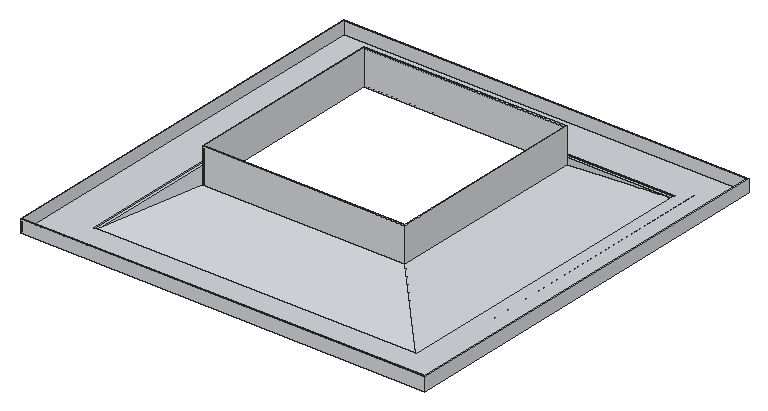
Revit family
Parameters (values of type "DP, 12x12 Module, 06x06 Neck")
  URL = "http://www.anemostat.com"
  Type Comments = "User can define square or rectangular duct/neck sizes from 6\" to 42\" in 3\" increments."
  Panel Width = Module Width - 1/4"  # 11 3/4"
  Panel Height = Module Height - 1/4"  # 11 3/4"
  Neck Width = Duct Width - 1/8"  # 5 7/8"
  Neck Height = Duct Height - 1/8"  # 5 7/8"
  Module Width = 12"
  Module Height = 12"
  Model = "DP"
  Manufacturer = "Anemostat"
  Duct Width = 6"
  Duct Height = 6"
  Description = "Directional Diffuser, Lay-In T-Bar with Extensional Panel"
Types (26): name | Panel Width | Panel Height | Neck Width | Neck Height | Module Width | Module Height | Duct Width | Duct Height
  (no name) | 11 3/4" | 11 3/4" | 5 7/8" | 5 7/8" | 12" | 12" | 6" | 6"
  DP, 12x12 Module, 06x06 Neck | 11 3/4" | 11 3/4" | 5 7/8" | 5 7/8" | 12" | 12" | 6" | 6"
  DP, 12x24 Module, 06x06 Neck | 11 3/4" | 23 3/4" | 5 7/8" | 5 7/8" | 12" | 24" | 6" | 6"
  DP, 24x24 Module, 06x06 Neck | 23 3/4" | 23 3/4" | 5 7/8" | 5 7/8" | 24" | 24" | 6" | 6"
  DP, 24x24 Module, 09x09 Neck | 23 3/4" | 23 3/4" | 8 7/8" | 8 7/8" | 24" | 24" | 9" | 9"
  DP, 24x24 Module, 12x12 Neck | 23 3/4" | 23 3/4" | 11 7/8" | 11 7/8" | 24" | 24" | 12" | 12"
  DP, 24x24 Module, 15x15 Neck | 23 3/4" | 23 3/4" | 14 7/8" | 14 7/8" | 24" | 24" | 15" | 15"
  DP, 24x24 Module, 18x18 Neck | 23 3/4" | 23 3/4" | 17 7/8" | 17 7/8" | 24" | 24" | 18" | 18"
  DP, 24x48 Module, 06x06 Neck | 23 3/4" | 47 3/4" | 5 7/8" | 5 7/8" | 24" | 48" | 6" | 6"
  DP, 24x48 Module, 09x09 Neck | 23 3/4" | 47 3/4" | 8 7/8" | 8 7/8" | 24" | 48" | 9" | 9"
  DP, 24x48 Module, 12x12 Neck | 23 3/4" | 47 3/4" | 11 7/8" | 11 7/8" | 24" | 48" | 12" | 12"
  DP, 24x48 Module, 15x15 Neck | 23 3/4" | 47 3/4" | 14 7/8" | 14 7/8" | 24" | 48" | 15" | 15"
  DP, 24x48 Module, 18x18 Neck | 23 3/4" | 47 3/4" | 17 7/8" | 17 7/8" | 24" | 48" | 18" | 18"
  DP, 48x48 Module, 06x06 Neck | 47 3/4" | 47 3/4" | 5 7/8" | 5 7/8" | 48" | 48" | 6" | 6"
  DP, 48x48 Module, 09x09 Neck | 47 3/4" | 47 3/4" | 8 7/8" | 8 7/8" | 48" | 48" | 9" | 9"
  DP, 48x48 Module, 12x12 Neck | 47 3/4" | 47 3/4" | 11 7/8" | 11 7/8" | 48" | 48" | 12" | 12"
  DP, 48x48 Module, 15x15 Neck | 47 3/4" | 47 3/4" | 14 7/8" | 14 7/8" | 48" | 48" | 15" | 15"
  DP, 48x48 Module, 18x18 Neck | 47 3/4" | 47 3/4" | 17 7/8" | 17 7/8" | 48" | 48" | 18" | 18"
  DP, 48x48 Module, 21x21 Neck | 47 3/4" | 47 3/4" | 20 7/8" | 20 7/8" | 48" | 48" | 21" | 21"
  DP, 48x48 Module, 24x24 Neck | 47 3/4" | 47 3/4" | 23 7/8" | 23 7/8" | 48" | 48" | 24" | 24"
  DP, 48x48 Module, 27x27 Neck | 47 3/4" | 47 3/4" | 26 7/8" | 26 7/8" | 48" | 48" | 27" | 27"
  DP, 48x48 Module, 30x30 Neck | 47 3/4" | 47 3/4" | 29 7/8" | 29 7/8" | 48" | 48" | 30" | 30"
  DP, 48x48 Module, 33x33 Neck | 47 3/4" | 47 3/4" | 32 7/8" | 32 7/8" | 48" | 48" | 33" | 33"
  DP, 48x48 Module, 36x36 Neck | 47 3/4" | 47 3/4" | 35 7/8" | 35 7/8" | 48" | 48" | 36" | 36"
  DP, 48x48 Module, 39x39 Neck | 47 3/4" | 47 3/4" | 38 7/8" | 38 7/8" | 48" | 48" | 39" | 39"
  DP, 48x48 Module, 42x42 Neck | 47 3/4" | 47 3/4" | 41 7/8" | 41 7/8" | 48" | 48" | 42" | 42"
Reference planes (in)
  plane 1 "Center (Front/Back)": y = 0
  plane 2: z = 0
  plane 3 "Center (Left/Right)": x = 0
  plane 4: x = 2.9375
  plane 5: x = -2.9375
  plane 6: y = 2.9375
  plane 7: y = -2.9375
  plane 8: x = -5.875
  plane 9: x = 5.875
  plane 10: y = 5.875
  plane 11: y = -5.875
  plane 12: x = -4.6875
  plane 13: x = 4.6875
  plane 14: y = 4.6875
  plane 15: y = -4.6875
Forms (in)
  Extrusion 1, solid
    sketch origin (0, 0, 0) x (1, 0, 0) y (0, 1, 0)
      loop
        line (-5.875, 5.875) -> (-5.875, -5.875) -> (5.875, -5.875) -> (5.875, 5.875) -> (-5.875, 5.875)
      loop
        line (-4.6875, 4.6875) -> (-4.6875, -4.6875) -> (4.6875, -4.6875) -> (4.6875, 4.6875) -> (-4.6875, 4.6875)
    from 0 to 0.375
  Extrusion 2, void
    sketch origin (0, 0, 0) x (1, 0, 0) y (0, 1, 0)
      loop
        line (-5.844, 5.844) -> (-5.844, -5.844) -> (5.844, -5.844) -> (5.844, 5.844) -> (-5.844, 5.844)
      loop
        line (-4.6875, 4.6875) -> (-4.6875, -4.6875) -> (4.6875, -4.6875) -> (4.6875, 4.6875) -> (-4.6875, 4.6875)
    from 0.03125 to 0.375
  Sweep 3, solid
    path origin (0, 0, 0) x (1, 0, 0) y (0, 1, 0)
      loop
        line (-2.9375, 2.9375) -> (-2.9375, -2.9375) -> (2.9375, -2.9375) -> (2.9375, 2.9375) -> (-2.9375, 2.9375)
    profile origin (0, 2.9375, 0) x (0, 1, 0) y (0, 0, 1)
      loop
        line (0, 2) -> (-0.031, 2) -> (-0.031, 0.97575) -> (1.66789, -0.031) -> (2.0625, -0.031) -> (2.0625, 0) -> (1.6875, 0) -> (0, 1) -> (0, 2)
Cuts and joins
  Extrusion 2 cuts Extrusion 1
Dimensions and locks (in)
  equal spacing: plane 4, plane 3 "Center (Left/Right)", plane 5
  "Neck Width": plane 4 to plane 5
  equal spacing: plane 6, plane 1 "Center (Front/Back)", plane 7
  "Neck Height": plane 6 to plane 7
  equal spacing: plane 9, plane 3 "Center (Left/Right)", plane 8
  "Panel Width": plane 9 to plane 8
  equal spacing: plane 10, plane 1 "Center (Front/Back)", plane 11
  "Panel Height": plane 10 to plane 11
  locked: plane 5 to plane 12 at 1.75
  locked: plane 13 to plane 4 at 1.75
  locked: plane 14 to plane 6 at 1.75
  locked: plane 7 to plane 15 at 1.75
Automatic sketch dimensions
  Extrusion 1 sketch curve to plane 8 = 0"
  Extrusion 1 sketch curve to plane 12 = 0"
  Extrusion 1 sketch curve to plane 13 = 0"
  Extrusion 1 sketch curve to plane 9 = 0"
  plane 11 to Extrusion 1 sketch curve = 0"
  plane 15 to Extrusion 1 sketch curve = 0"
  plane 14 to Extrusion 1 sketch curve = 0"
  plane 10 to Extrusion 1 sketch curve = 0"
  Extrusion 2 sketch curve to plane 12 = 0"
  Extrusion 2 sketch curve to plane 13 = 0"
  plane 15 to Extrusion 2 sketch curve = 0"
  plane 14 to Extrusion 2 sketch curve = 0"
  plane 8 to Extrusion 2 sketch curve = 0.031"
  Extrusion 2 sketch curve to plane 9 = 0.031"
  Extrusion 2 sketch curve to plane 11 = 0.031"
  plane 10 to Extrusion 2 sketch curve = 0.031"
  Sweep 3 sketch curve to plane 5 = 0"
  Sweep 3 sketch curve to plane 4 = 0"
  plane 7 to Sweep 3 sketch curve = 0"
  plane 6 to Sweep 3 sketch curve = 0"
  Sweep 3 sketch curve to profile plane = 0"
  Sweep 3 sketch curve to level = 0"
  Sweep 3 sketch curve to Sweep 3 sketch curve = 0.031"
  Sweep 3 sketch curve to level = 0.031"
  Sweep 3 sketch curve to profile plane = 1.66789"
  Sweep 3 sketch curve to Sweep 3 sketch curve = 0.01961"
  Sweep 3 sketch curve to Sweep 3 sketch curve = 3/8"
  level to Sweep 3 sketch curve = 0.97575"
  Sweep 3 sketch curve to Sweep 3 sketch curve = 0.02425"
  Sweep 3 sketch curve to Sweep 3 sketch curve = 1"
Connectors (in)
  hvac at (0, 0, 2), driven by "Duct Width", driven by "Duct Height"
    settings: on Sweep 3, index 1
